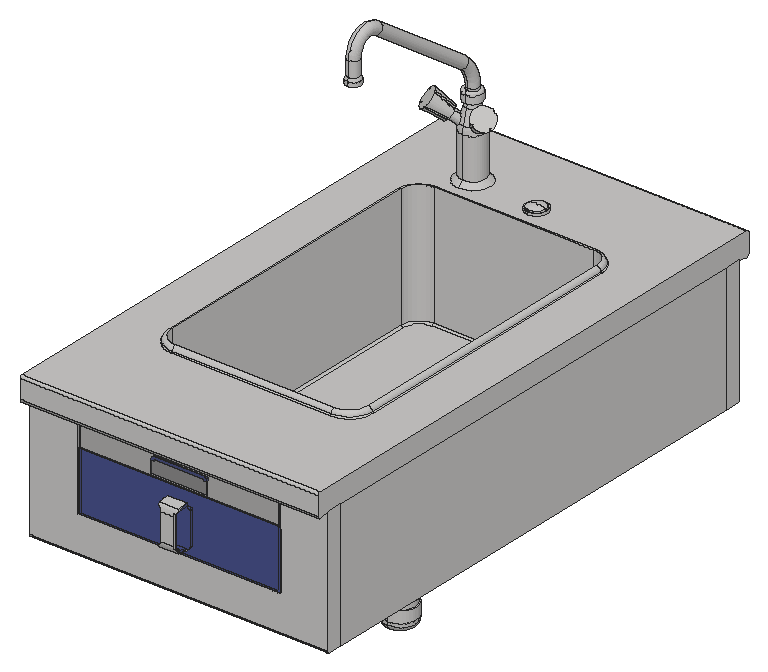
Revit family "QF_ELECTROLUXPROFESSIONAL_589633_MCBFAAEOAO", category Specialty Equipment, Revit 2018
Family settings
  Round Connector Dimension = Use Diameter
  Part Type = Normal
  Work Plane-Based = No
  Always vertical = Yes
  Cut with Voids When Loaded = No
  Shared = No
  Room Calculation Point = No
Parameters
  Weight in Pounds = 55.11
  Watts = 1500 VA  # 1500 W
  Waste Water Discharge Temperature [instance] = -459.67 °F
  Volts = 400 V  # constant formula
  URL Cutsheet = ""
  Type Mark [instance] = ""
  Status [instance] = ""
  Specification by User [instance] = ""
  Specification by Manufacturer = ""
  Small Baine = yes
  Serial Number = ""
  Seismic Rating = ""
  SMACNA No = ""
  Revision Code [instance] = ""
  Plumbing Remarks [instance] = ""
  Plumbing Connection Type [instance] = ""
  Phase = 3  # constant formula
  Omniclass Number and Title = ""
  Number of Poles [instance] = 1
  NAFEM Spec ID Number = ""
  Model = "589633"
  Min Ckt Ampacity = 0 A
  Max Overcurrent Protection = 0 A
  Masterspec = ""
  Manufacturer = "ELECTROLUX"
  Item Number [instance] = ""
  Installed By [instance] = ""
  Indirect Waste Size = 1"
  Indirect Waste Flow [instance] = 0 GPM
  Indirect Waste Connection Type [instance] = ""
  Indirect Waste Connection Height = 0 mm
  Identify Quantity as Lot [instance] = yes
  Hot Water Temperature = -459.67 °F
  Hot Water Size = 3/4"
  Hot Water RI Height [instance] = 0 mm
  Hot Water Minimum Pressure = 0.00 psi
  Hot Water Maximum Pressure = 0.00 psi
  Hot Water Flow [instance] = 0 GPM
  Hot Water Consumption = 0 GPM
  Hot Water Connection Height = 0 mm
  HP = "2 HP"
  Furnished By [instance] = ""
  Foodservice Equipment Identifier [instance] = yes
  FL Amps [instance] = if(Phase = 3, Watts / (Volts * 1.73), Watts / Volts)  # 2.16763 A
  Electrical Remarks = "400 V/3N ph/50/60 Hz"  # constant formula
  Electric Connection Type [instance] = ""
  Elec Conn RI Height [instance] = 0 mm
  Elec Conn Connection Height [instance] = 0 mm
  Direct Waste Size = 1"
  Description = "EL.BAINMARIE,1/1GN,TAP(L),1S,500X900X250"
  Cycle [instance] = if([60 Hertz Option], 60 Hz, 50 Hz)  # 60 Hz
  Conn Plug = ""
  Conn Conduit = yes
  Cold Water Temperature Recommended [instance] = 0 °F
  Cold Water Size = 3/4"
  Cold Water RI Height [instance] = 0 mm
  Cold Water Minimum Pressure = 0.00 psi
  Cold Water Maximum Pressure = 0.00 psi
  Cold Water Flow [instance] = 0 GPM
  Cold Water Consumption = ""
  Cold Water Connection Height = 0 mm
  CSI MasterFormat = ""
  CSI Master Format = ""
  Back Panel [instance] = yes
  Apparent Power [instance] = if(Phase = 3, Volts * FL Amps * 1.73, Volts * FL Amps)  # 1500 VA
  60 Hertz Option [instance] = not([50 Hertz Option])  # yes
  50 Hertz Option [instance] = no
Reference planes
  plane 1 "BACK": y = 0
  plane 2: z = 0
  plane 3 "LEFT": x = 0
  plane 4 "RIGHT": x = 500
  plane 5 "FRONT": y = -900
  plane 6 "TOP": z = 250
  plane 7: x = 250
  plane 8: y = -450
  plane 9: z = 582.185
  plane 10: x = 465
  plane 11: y = -144
Forms (mm)
  Extrusion 1, solid, material "QF_Finishes_Stainless Steel"
    sketch origin (0, -487.128, 0) x (0, 1, 0) y (0, 0, 1)
      loop
        line (483.128, 250) -> (-408.872, 250)
        arc (-408.872, 250) -> (-411.7, 248.828) -> (-412.872, 246) r 4
        line (-412.872, 246) -> (-412.872, 214)
        arc (-412.872, 214) -> (-411.443, 210.936) -> (-408.177, 210.061) r 4
        line (-408.177, 210.061) -> (-391.509, 213) -> (465.765, 213) -> (482.433, 210.061)
        arc (482.433, 210.061) -> (485.699, 210.936) -> (487.128, 214) r 4
        line (487.128, 214) -> (487.128, 246)
        arc (487.128, 246) -> (485.956, 248.828) -> (483.128, 250) r 4
    from 0 to 500
  Extrusion 2, void
    sketch origin (0, -4, 250) x (1, 0, 0) y (0, -1, 0)
      loop
        line (423.051, 206.931) -> (423.051, 685.069)
        arc (423.051, 685.069) -> (411.335, 713.354) -> (383.051, 725.069) r 40
        line (383.051, 725.069) -> (116.931, 725.069)
        arc (116.931, 725.069) -> (88.646, 713.354) -> (76.931, 685.069) r 40
        line (76.931, 685.069) -> (76.931, 206.931)
        arc (76.931, 206.931) -> (88.646, 178.647) -> (116.931, 166.931) r 40
        line (116.931, 166.931) -> (383.051, 166.931)
        arc (383.051, 166.931) -> (411.335, 178.647) -> (423.051, 206.931) r 40
    from 0 to 40
  Extrusion 3, solid, material "QF_Finishes_Stainless Steel"
    sketch origin (-178.969, -4572, 0) x (-1, 0, 0) y (0, -1, 0)
      loop
        line (-178.969, -4526) -> (-178.969, -3718) -> (-678.969, -3718) -> (-678.969, -4526) -> (-178.969, -4526)
      loop
        line (-204.369, -4500.6) -> (-204.369, -3743.4) -> (-653.569, -3743.4) -> (-653.569, -4500.6) -> (-204.369, -4500.6)
    from 0 to 213
  Extrusion 4, solid, material "QF_Finishes_Stainless Steel"
    sketch origin (-178.969, -4572, 0) x (-1, 0, 0) y (0, -1, 0)
      loop
        line (-204.369, -4500.6) -> (-204.369, -3743.4) -> (-653.569, -3743.4) -> (-653.569, -4500.6) -> (-204.369, -4500.6)
    from 0 to 10
  Extrusion 5, solid, material "QF_Finishes_Stainless Steel", visible <- "Back Panel"
    sketch origin (0, 0, 0) x (0, 1, 0) y (0, 0, 1)
      loop
        line (-46, 0) -> (-23, 0)
        arc (-23, 0) -> (-20.879, 0.879) -> (-20, 3) r 3
        line (-20, 3) -> (-20, 213) -> (-46, 213) -> (-46, 0)
    from 0 to 500
  Extrusion 6, solid, material "QF_Finishes_Stainless Steel"
    sketch origin (-50, 0, 0) x (1, 0, 0) y (0, 1, 0)
      loop
        circle (300, -685) r 12.7
    from 0 to 12.5
  Extrusion 7, solid, material "QF_Finishes_Stainless Steel"
    sketch origin (-50, -10.197, 250) x (0, -1, 0) y (1, 0, 0)
      loop
        circle (120.803, 300) r 17.578
    from 0 to 3.2
  Revolve 8, solid, material "QF_Finishes_Stainless Steel"
    sketch origin (0, -131, 2.262) x (1, 0, 0) y (0, 0, 1)
      loop
        line (250, 250.938) -> (250, 256.608)
        arc (250, 256.608) -> (242.261, 255.697) -> (235, 252.868) r 30.732
        line (235, 252.868) -> (235, 250.938) -> (250, 250.938)
      axis (250, 250.938) -> (250, 256.608)
    angle from 0 to 360
  Revolve 9, solid, material "QF_Finishes_Stainless Steel"
    sketch origin (465, 1282.872, -192.047) x (0, 1, 0) y (0, 0, 1)
      loop
        line (-1937.861, 186.547) -> (-1937.861, 192.047) -> (-1967.861, 192.047) -> (-1967.861, 141.547) -> (-1947.861, 141.547)
        arc (-1947.861, 141.547) -> (-1943.618, 143.305) -> (-1941.861, 147.547) r 6
        line (-1941.861, 147.547) -> (-1941.361, 153.547) -> (-1941.361, 172.547) -> (-1944.361, 172.547) -> (-1944.361, 186.547) -> (-1937.861, 186.547)
      axis (-1967.872, 141.547) -> (-1967.872, 192.047)
    angle from 0 to 360
  Revolve 10, solid, material "QF_Finishes_Black"
    sketch origin (135, -104.517, -46.552) x (0, 1, 0) y (0, 0, 1)
      loop
        arc (-25.958, 192.99) -> (-25.178, 193.771) -> (-25.958, 194.552) r 0.781
        line (-25.958, 194.552) -> (-27.459, 194.552) -> (-27.459, 179.552) -> (-29.958, 179.552) -> (-29.958, 177.38) -> (-28.404, 177.38) -> (-27.456, 177.547) -> (-26.894, 178.11) -> (-25.907, 178.11) -> (-25.907, 180.54)
        arc (-25.907, 180.54) -> (-25.128, 181.318) -> (-25.907, 182.097) r 0.779
        arc (-25.907, 182.097) -> (-25.128, 182.875) -> (-25.907, 183.654) r 0.779
        arc (-25.907, 183.654) -> (-25.128, 184.433) -> (-25.907, 185.211) r 0.779
        arc (-25.907, 185.211) -> (-25.128, 185.99) -> (-25.907, 186.768) r 0.779
        arc (-25.907, 186.768) -> (-25.128, 187.547) -> (-25.907, 188.326) r 0.779
        arc (-25.907, 188.326) -> (-25.128, 189.104) -> (-25.907, 189.883) r 0.779
        arc (-25.907, 189.883) -> (-25.128, 190.661) -> (-25.907, 191.44) r 0.779
        arc (-25.907, 191.44) -> (-25.128, 192.219) -> (-25.907, 192.997) r 0.779
      axis (-39.483, 194.552) -> (-39.483, 177.38)
    angle from 0 to 360
  Sweep 11, solid, material "QF_Finishes_Stainless Steel"
    path origin (-178.969, -4572, 0) x (-1, 0, 0) y (0, -1, 0)
      loop
        line (-255.899, -4361.069) -> (-255.899, -3882.931)
        arc (-255.899, -3882.931) -> (-267.615, -3854.646) -> (-295.899, -3842.931) r 40
        line (-295.899, -3842.931) -> (-562.02, -3842.931)
        arc (-562.02, -3842.931) -> (-590.304, -3854.646) -> (-602.02, -3882.931) r 40
        line (-602.02, -3882.931) -> (-602.02, -4361.069)
        arc (-602.02, -4361.069) -> (-590.304, -4389.353) -> (-562.02, -4401.069) r 40
        line (-562.02, -4401.069) -> (-295.899, -4401.069)
        arc (-295.899, -4401.069) -> (-267.615, -4389.353) -> (-255.899, -4361.069) r 40
    profile origin (76.931, -450, 0) x (1, 0, 0) y (0, 0, 1)
      loop
        arc (9.05, 258) -> (4.345, 256.153) -> (1.961, 251.697) r 7.314
        arc (1.961, 251.697) -> (1.3, 250.48) -> (0, 250) r 1.969
        line (0, 250) -> (8.05, 250) -> (8.05, 54)
        arc (8.05, 54) -> (9.221, 51.172) -> (12.05, 50) r 4
        line (12.05, 50) -> (12.05, 51)
        arc (12.05, 51) -> (9.928, 51.879) -> (9.05, 54) r 3
        line (9.05, 54) -> (9.05, 258)
  Extrusion 12, solid, material "QF_Finishes_Stainless Steel"
    sketch origin (-178.969, -4572, 0) x (-1, 0, 0) y (0, -1, 0)
      loop
        arc (-267.949, -3882.931) -> (-276.135, -3863.167) -> (-295.899, -3854.98) r 27.95
        line (-295.899, -3854.98) -> (-562.02, -3854.98)
        arc (-562.02, -3854.98) -> (-581.784, -3863.167) -> (-589.97, -3882.931) r 27.95
        line (-589.97, -3882.931) -> (-589.97, -4361.069)
        arc (-589.97, -4361.069) -> (-581.784, -4380.833) -> (-562.02, -4389.02) r 27.95
        line (-562.02, -4389.02) -> (-295.899, -4389.02)
        arc (-295.899, -4389.02) -> (-276.135, -4380.833) -> (-267.949, -4361.069) r 27.95
        line (-267.949, -4361.069) -> (-267.949, -3882.931)
    from 50 to 51
Cuts and joins
  Extrusion 2 cuts Extrusion 1
  joined: Extrusion 3, Extrusion 4
  joined: Sweep 11, Extrusion 12
Lines and regions (mm)
  symbolic lines
    curve 1: line (0, 0, 0) -> (500, 0, 0)
    curve 2: line (0, -900, 0) -> (0, 0, 0)
    curve 3: line (500, -900, 0) -> (0, -900, 0)
    curve 4: line (500, 0, 0) -> (500, -900, 0)
    curve 5: circle (250, -664.789, 0) r 14.885 normal (0, 0, 1)
    curve 6: circle (250, -131, 0) r 15 normal (0, 0, 1)
    curve 7: circle (250, -131, 0) r 17.578 normal (0, 0, 1)
    curve 8: arc (76.931, -210.931, 0) -> (88.646, -182.647, 0) -> (116.931, -170.931, 0) r 40
    curve 9: line (383.051, -170.931, 0) -> (179.697, -170.931, 0)
    curve 10: line (383.051, -178.98, 0) -> (144.525, -178.98, 0)
    curve 11: arc (116.931, -178.98, 0) -> (94.338, -188.339, 0) -> (84.98, -210.931, 0) r 31.95
    curve 12: line (84.98, -210.931, 0) -> (84.98, -689.069, 0)
    curve 13: line (76.931, -210.931, 0) -> (76.931, -689.069, 0)
    curve 14: arc (383.051, -170.931, 0) -> (411.335, -182.647, 0) -> (423.051, -210.931, 0) r 40
    curve 15: arc (415.001, -210.931, 0) -> (405.643, -188.339, 0) -> (383.051, -178.98, 0) r 31.95
    curve 16: line (415.001, -689.069, 0) -> (415.001, -210.931, 0)
    curve 17: line (423.051, -689.069, 0) -> (423.051, -210.931, 0)
    curve 18: arc (423.051, -689.069, 0) -> (411.335, -717.354, 0) -> (383.051, -729.069, 0) r 40
    curve 19: arc (383.051, -721.02, 0) -> (405.643, -711.662, 0) -> (415.001, -689.069, 0) r 31.95
    curve 20: line (116.931, -721.02, 0) -> (383.051, -721.02, 0)
    curve 21: line (116.931, -729.069, 0) -> (383.051, -729.069, 0)
    curve 22: arc (84.98, -689.069, 0) -> (94.338, -711.662, 0) -> (116.931, -721.02, 0) r 31.95
    curve 23: arc (116.931, -729.069, 0) -> (88.646, -717.354, 0) -> (76.931, -689.069, 0) r 40
    curve 24: line (125.475, -178.98, 0) -> (116.931, -178.98, 0)
    curve 25: line (125.475, -170.931, 0) -> (116.931, -170.931, 0)
    curve 26: line (169.674, -170.931, 0) -> (144.525, -170.931, 0)
Dimensions and locks
  plane 3 "LEFT" to plane 4 "RIGHT" = 500 mm
  plane 5 "FRONT" to plane 1 "BACK" = 900 mm
  equal spacing: plane 3 "LEFT", plane 7, plane 4 "RIGHT"
  equal spacing: plane 5 "FRONT", plane 8, plane 1 "BACK"
  plane 6 "TOP" to level = 250 mm  (x2)
  plane 1 "BACK" to plane 5 "FRONT" = 900 mm
  Extrusion 6 sketch curve to plane 1 "BACK" = 685 mm
  Extrusion 6 sketch curve to plane 4 "RIGHT" = 250 mm
  plane 5 "FRONT" to nested 1 = 779 mm
  Revolve 10 to level = 148 mm
  plane 1 "BACK" to Extrusion 6 = 685 mm
  plane 3 "LEFT" to nested 1 = 135 mm
  plane 4 "RIGHT" to plane 10 = 35 mm
  plane 5 "FRONT" to Revolve 8 = 769 mm
  plane 1 "BACK" to plane 11 = 144 mm
  aligned and locked: level to plane 2
Automatic sketch dimensions
  Extrusion 1 sketch curve to plane 5 "FRONT" = 0 mm
  Extrusion 1 sketch curve to plane 6 "TOP" = 0 mm
  Extrusion 1 sketch curve to plane 1 "BACK" = 0 mm
  Extrusion 1 sketch curve to plane 6 "TOP" = 37 mm
  Extrusion 1 sketch curve to plane 5 "FRONT" = 4 mm  (x2)
  Extrusion 1 sketch curve to plane 5 "FRONT" = 21.363 mm
  plane 1 "BACK" to Extrusion 1 sketch curve = 21.363 mm
  plane 1 "BACK" to Extrusion 1 sketch curve = 4 mm
  Extrusion 1 sketch curve to Extrusion 1 sketch curve = 0.695 mm
  Extrusion 1 sketch curve to Extrusion 1 sketch curve = 0 mm  (x4)
  plane 1 "BACK" to Extrusion 1 sketch curve = 4.695 mm
  Extrusion 1 sketch curve to Extrusion 1 sketch curve = 4 mm
  Extrusion 1 sketch curve to Extrusion 1 sketch curve = 1 mm  (x2)
  Extrusion 3 sketch curve to plane 4 "RIGHT" = 0 mm
  Extrusion 3 sketch curve to plane 3 "LEFT" = 0 mm
  plane 1 "BACK" to Extrusion 3 sketch curve = 46 mm
  plane 4 "RIGHT" to Extrusion 3 sketch curve = 25.4 mm
  plane 3 "LEFT" to Extrusion 3 sketch curve = 25.4 mm
  Extrusion 3 sketch curve to Extrusion 3 sketch curve = 25.4 mm  (x2)
  Extrusion 3 sketch curve to plane 5 "FRONT" = 71.4 mm
  plane 4 "RIGHT" to Extrusion 4 sketch curve = 25.4 mm
  plane 1 "BACK" to Extrusion 4 sketch curve = 71.4 mm
  plane 3 "LEFT" to Extrusion 4 sketch curve = 25.4 mm
  Extrusion 4 sketch curve to plane 5 "FRONT" = 71.4 mm
  plane 1 "BACK" to Revolve 9 sketch curve = 684.989 mm
  Revolve 9 sketch curve to plane 6 "TOP" = 300.5 mm
  Revolve 9 sketch curve to Revolve 9 sketch curve = 20 mm
  Revolve 9 sketch curve to Revolve 9 sketch curve = 3.5 mm
  Revolve 9 sketch curve to Revolve 9 sketch curve = 6 mm  (x2)
  Revolve 9 sketch curve to Revolve 9 sketch curve = 3 mm
  Revolve 9 sketch curve to Revolve 9 sketch curve = 6.5 mm
  plane 1 "BACK" to Revolve 9 sketch curve = 685 mm
  Revolve 9 sketch curve to Revolve 9 sketch curve = 19 mm
  Revolve 9 sketch curve to Revolve 9 sketch curve = 14 mm
  Revolve 9 sketch curve to Revolve 9 sketch curve = 5.5 mm
  Revolve 9 sketch curve to Revolve 9 sketch curve = 6.734 mm
  Revolve 9 sketch curve to plane 6 "TOP" = 222.234 mm
  level to Revolve 10 sketch curve = 130.828 mm
  Revolve 10 sketch curve to Revolve 10 sketch curve = 1.554 mm
  Revolve 10 sketch curve to Revolve 10 sketch curve = 2.499 mm
  Revolve 10 sketch curve to Revolve 10 sketch curve = 0.948 mm
  Revolve 10 sketch curve to Revolve 10 sketch curve = 0.562 mm  (x2)
  Revolve 10 sketch curve to Revolve 10 sketch curve = 1.5 mm
  Revolve 10 sketch curve to Revolve 10 sketch curve = 0.987 mm  (x2)
  Revolve 10 sketch curve to Revolve 10 sketch curve = 0 mm  (x12)
  Revolve 10 sketch curve to Revolve 10 sketch curve = 0.052 mm  (x2)
  Revolve 10 sketch curve to Revolve 10 sketch curve = 0.167 mm
  Revolve 10 sketch curve to Revolve 10 sketch curve = 2.172 mm
  Revolve 10 sketch curve to Revolve 10 sketch curve = 14.013 mm
  Revolve 10 sketch curve to Revolve 10 sketch curve = 0.779 mm  (x8)
  Revolve 10 sketch curve to Revolve 10 sketch curve = 0.007 mm
  Revolve 10 sketch curve to Revolve 10 sketch curve = 0.878 mm
  Revolve 10 sketch curve to Revolve 10 sketch curve = 1.95 mm
  plane 1 "BACK" to Revolve 10 sketch curve = 134.475 mm
  Revolve 10 sketch curve to Revolve 10 sketch curve = 9.525 mm
  Extrusion 5 sketch curve to level = 0 mm
  level to Extrusion 5 sketch curve = 3 mm
  Extrusion 5 sketch curve to Extrusion 5 sketch curve = 23 mm
  plane 1 "BACK" to Extrusion 5 sketch curve = 20 mm
  Extrusion 5 sketch curve to plane 6 "TOP" = 37 mm
  Extrusion 1 to Extrusion 7 sketch curve = 127 mm
  Extrusion 1 to Extrusion 7 sketch curve = 250 mm
  Revolve 8 sketch curve to plane 7 = 0 mm  (x2)
  plane 6 "TOP" to Revolve 8 sketch curve = 3.2 mm
  plane 6 "TOP" to Revolve 8 sketch curve = 5.13 mm
  Revolve 8 sketch curve to plane 7 = 15 mm
  Revolve 8 sketch curve to plane 7 = 0.304 mm
  Revolve 8 sketch curve to Revolve 8 sketch curve = 5.67 mm
  Revolve 8 sketch curve to plane 6 "TOP" = 2.738 mm
  Revolve 8 sketch curve to Revolve 8 sketch curve = 6.568 mm
  curve 6 to curve 7 = 0 mm  (x2)
  plane 1 "BACK" to curve 1 = 0 mm
  curve 3 to plane 3 "LEFT" = 0 mm
  plane 5 "FRONT" to curve 2 = 0 mm
  curve 5 to plane 7 = 0 mm
  curve 7 to plane 7 = 0 mm
  curve 4 to plane 4 "RIGHT" = 0 mm
  Extrusion 1 to Extrusion 2 sketch curve = 76.931 mm
  Extrusion 1 to Extrusion 2 sketch curve = 166.931 mm
  Extrusion 2 sketch curve to Extrusion 2 sketch curve = 40 mm  (x3)
  Extrusion 1 to Extrusion 2 sketch curve = 116.949 mm  (x2)
  Extrusion 1 to Extrusion 2 sketch curve = 206.931 mm
  plane 1 "BACK" to curve 6 = 131 mm
  curve 5 to plane 8 = 214.789 mm
  Sweep 11 sketch curve to plane 10 = 41.949 mm
  plane 11 to Sweep 11 sketch curve = 26.931 mm
  Sweep 11 sketch curve to Sweep 11 sketch curve = 40 mm  (x3)
  plane 3 "LEFT" to Sweep 11 sketch curve = 116.931 mm  (x2)
  Sweep 11 sketch curve to plane 5 "FRONT" = 210.931 mm
  Sweep 11 sketch curve to Sweep 11 sketch curve = 0 mm  (x2)
  profile plane to Sweep 11 sketch curve = 0 mm
  Sweep 11 sketch curve to profile plane = 12.05 mm
  profile plane to Sweep 11 sketch curve = 51 mm
  Sweep 11 sketch curve to Sweep 11 sketch curve = 4 mm
  Sweep 11 sketch curve to Sweep 11 sketch curve = 1 mm
  Sweep 11 sketch curve to profile plane = 0.011 mm
  Sweep 11 sketch curve to profile plane = 1.961 mm
  Sweep 11 sketch curve to Sweep 11 sketch curve = 1.156 mm
  Sweep 11 sketch curve to Sweep 11 sketch curve = 196 mm
  Sweep 11 sketch curve to Sweep 11 sketch curve = 8 mm
  plane 3 "LEFT" to Extrusion 12 sketch curve = 88.98 mm
  Extrusion 12 sketch curve to plane 5 "FRONT" = 210.931 mm
  Extrusion 12 sketch curve to Extrusion 12 sketch curve = 27.95 mm  (x4)
  plane 11 to Extrusion 12 sketch curve = 66.931 mm
  Extrusion 12 sketch curve to plane 10 = 81.949 mm
  plane 11 to curve 25 = 26.931 mm
  plane 3 "LEFT" to curve 25 = 116.931 mm
  curve 9 to plane 10 = 81.949 mm
  curve 8 to curve 8 = 40 mm
  curve 8 to curve 11 = 0 mm  (x2)
  plane 11 to curve 24 = 34.98 mm
  curve 5 to curve 12 = 24.28 mm
  curve 13 to curve 12 = 0 mm
  curve 14 to curve 14 = 40 mm
  curve 5 to curve 16 = 24.28 mm
  curve 16 to curve 17 = 0 mm
  curve 18 to curve 19 = 0 mm
  curve 20 to curve 12 = 31.95 mm
  curve 21 to curve 20 = 0 mm
  curve 10 to plane 7 = 105.475 mm
  curve 26 to plane 7 = 105.475 mm
  curve 14 to curve 15 = 0 mm  (x2)
  curve 25 to plane 7 = 124.525 mm
  curve 24 to plane 7 = 124.525 mm
  plane 11 to curve 26 = 26.931 mm
  curve 26 to plane 7 = 80.326 mm
  plane 11 to curve 9 = 26.931 mm
  curve 9 to plane 7 = 70.303 mm
  radius of Extrusion 6 sketch curve = 12.7 mm
  radius of Extrusion 7 sketch curve = 17.578 mm
  radius of curve 5 = 14.885 mm
  radius of curve 6 = 15 mm
  radius of curve 7 = 17.578 mm
Nested families
  nested 1: "Thermaline Faucet" at (135, -121, 0), type "Thermaline Faucet"
  nested 2: "EB_900_500_Front Panel" at (202.376, -855, -650), type "EB_900_500_Front Panel"
Connectors
  piping at (250, -685, 0), diameter 25.4
    settings: on Extrusion 6, index 3, connector inside diameter 1", connector length 0 mm, flow factor 0, pipe flow 0 GPM, pressure drop 0.00 psi, fitting loss kfactor 0, connector angle 0.00°, fixture units 0, engagement length 0 mm, angle of deflection 0.00°, flow configuration 1, flow direction 2, fitting loss method 0, system type 16, joint type 0, gender type 0, connector reference index -1, connector utility 0, adjustable connector no, is connector primary yes, connector description "DRAIN"
  electrical at (465, -685, 0), driven by "Volts", driven by "Watts"
    settings: on Revolve 9, index 4, voltage 400 V, apparent load 1500 VA, apparent load phase1 0 VA, apparent load phase2 0 VA, apparent load phase3 0 VA, power factor 1, load classification "Other", number of poles 1, system type 30, power factor state 1, is connector primary yes, connector utility no, sub classification motor no, connector description "ELECTRICAL CONNECTION"
  piping at (135, -144, 130.828), diameter 19
    settings: on Revolve 10, index 5, connector inside diameter 0.74803", connector length 0 mm, flow factor 0, pipe flow 0 GPM, pressure drop 0.00 psi, fitting loss kfactor 0, connector angle 0.00°, fixture units 0, engagement length 0 mm, angle of deflection 0.00°, flow configuration 1, flow direction 1, fitting loss method 0, system type 20, joint type 0, gender type 0, connector reference index -1, connector utility 0, adjustable connector no, is connector primary no, connector description "COLD WATER INLET"
  piping at (135, -144, 130.828), diameter 19
    settings: on Revolve 10, index 6, connector inside diameter 0.74803", connector length 0 mm, flow factor 0, pipe flow 0 GPM, pressure drop 0.00 psi, fitting loss kfactor 0, connector angle 0.00°, fixture units 0, engagement length 0 mm, angle of deflection 0.00°, flow configuration 1, flow direction 1, fitting loss method 0, system type 19, joint type 0, gender type 0, connector reference index -1, connector utility 0, adjustable connector no, is connector primary no, connector description "HOT WATER INLET"
Definition of nested family "Thermaline Faucet"
  Reference planes
    plane 1 "Center (Front/Back)": y = 0
    plane 2: z = 0
    plane 3 "Center (Left/Right)": x = 0
  Forms (mm)
    Revolve 1, solid
      sketch origin (0, 110, 0) x (0, 1, 0) y (0, 0, 1)
        loop
          line (-110, 250) -> (-80.897, 250) -> (-89.277, 258.38) -> (-89.277, 326.173)
          arc (-89.277, 326.173) -> (-89.737, 332.364) -> (-91.107, 338.419) r 41.887
          line (-91.107, 338.419) -> (-98.513, 362.642)
          arc (-98.513, 362.642) -> (-99.453, 366.971) -> (-99.667, 371.396) r 26.78
          line (-99.667, 371.396) -> (-94.537, 371.396) -> (-94.537, 383.339)
          arc (-94.537, 383.339) -> (-95.799, 386.384) -> (-98.844, 387.646) r 4.307
          line (-98.844, 387.646) -> (-110, 387.646) -> (-110, 250)
        axis (-110, 387.646) -> (-110, 250)
      angle from 0 to 360
    Sweep 2, solid
      path origin (-70, 110, 0) x (0, 1, 0) y (0, 0, 1)
        loop
          line (-110, 387.646) -> (-110, 391.879)
          arc (-110, 391.879) -> (-115.995, 416.848) -> (-132.672, 436.375) r 55
          line (-132.672, 436.375) -> (-312.366, 566.931)
          arc (-312.366, 566.931) -> (-343.62, 569.39) -> (-360, 542.66) r 30
          line (-360, 542.66) -> (-360, 517.854)
      profile origin (-70, 0, 389.762) x (0, -1, 0) y (1, 0, 0)
        loop
          circle (0, 70) r 9.525
    Revolve 3, solid
      sketch origin (0, 104.787, 374.993) x (0, 1, 0) y (0, 0, 1)
        loop
          line (-354.787, 136.51) -> (-354.787, 142.86) -> (-364.312, 142.86) -> (-366.717, 136.51) -> (-366.717, 130.16) -> (-354.787, 130.16) -> (-354.787, 136.51)
        axis (-354.787, 130.16) -> (-354.787, 142.86)
      angle from 0 to 360
    Blend 4, solid
      base sketch origin (79.461, -905.497, 152.805) x (0.692474, 0.046138, 0.719966) y (0.40024, -0.854864, -0.330174)
        loop
          arc (109.326, -848.459) -> (98.651, -853.462) -> (93.381, -864.007) r 17.953
          arc (93.381, -864.007) -> (95.845, -865.98) -> (93.297, -867.845) r 1.988
          arc (93.297, -867.845) -> (98.373, -878.893) -> (109.326, -884.172) r 17.953
          arc (109.326, -884.172) -> (111.185, -882.313) -> (113.044, -884.172) r 1.859
          arc (113.044, -884.172) -> (123.997, -878.893) -> (129.073, -867.845) r 17.953
          arc (129.073, -867.845) -> (127.548, -865.958) -> (128.989, -864.007) r 1.984
          arc (128.989, -864.007) -> (123.762, -853.504) -> (113.164, -848.472) r 17.953
          arc (113.164, -848.472) -> (111.239, -850.043) -> (109.326, -848.459) r 1.956
      top sketch origin (79.461, -905.497, 152.805) x (0.692474, 0.046138, 0.719966) y (0.40024, -0.854864, -0.330174)
        loop
          arc (109.326, -853.371) -> (102.264, -856.945) -> (98.69, -864.007) r 12.7
          arc (98.69, -864.007) -> (100.609, -865.926) -> (98.69, -867.845) r 1.919
          arc (98.69, -867.845) -> (102.264, -874.906) -> (109.326, -878.48) r 12.7
          arc (109.326, -878.48) -> (111.245, -876.561) -> (113.164, -878.48) r 1.919
          arc (113.164, -878.48) -> (120.225, -874.906) -> (123.799, -867.845) r 12.7
          arc (123.799, -867.845) -> (121.88, -865.926) -> (123.799, -864.007) r 1.919
          arc (123.799, -864.007) -> (120.225, -856.945) -> (113.164, -853.371) r 12.7
          arc (113.164, -853.371) -> (111.245, -854.791) -> (109.326, -853.371) r 2.007
      from 239.294 to 275.758
    Extrusion 5, solid
      sketch origin (244.982, -762.986, -15.528) x (0.692474, 0.046138, 0.719966) y (0.40024, -0.854864, -0.330174)
        loop
          circle (111.245, -865.926) r 8.197
      from 0 to 21.835
    Blend 6, solid
      base sketch origin (-79.461, -905.497, 152.805) x (-0.692474, 0.046138, 0.719966) y (0.40024, 0.854864, 0.330174)
        loop
          arc (109.326, 848.459) -> (111.239, 850.043) -> (113.164, 848.472) r 1.956
          arc (113.164, 848.472) -> (123.762, 853.504) -> (128.989, 864.007) r 17.953
          arc (128.989, 864.007) -> (127.548, 865.958) -> (129.073, 867.845) r 1.984
          arc (129.073, 867.845) -> (123.997, 878.893) -> (113.044, 884.172) r 17.953
          arc (113.044, 884.172) -> (111.185, 882.313) -> (109.326, 884.172) r 1.859
          arc (109.326, 884.172) -> (98.373, 878.893) -> (93.297, 867.845) r 17.953
          arc (93.297, 867.845) -> (95.845, 865.98) -> (93.381, 864.007) r 1.988
          arc (93.381, 864.007) -> (98.651, 853.462) -> (109.326, 848.459) r 17.953
      top sketch origin (-79.461, -905.497, 152.805) x (-0.692474, 0.046138, 0.719966) y (0.40024, 0.854864, 0.330174)
        loop
          arc (109.326, 853.371) -> (111.245, 854.791) -> (113.164, 853.371) r 2.007
          arc (113.164, 853.371) -> (120.225, 856.945) -> (123.799, 864.007) r 12.7
          arc (123.799, 864.007) -> (121.88, 865.926) -> (123.799, 867.845) r 1.919
          arc (123.799, 867.845) -> (120.225, 874.906) -> (113.164, 878.48) r 12.7
          arc (113.164, 878.48) -> (111.245, 876.561) -> (109.326, 878.48) r 1.919
          arc (109.326, 878.48) -> (102.264, 874.906) -> (98.69, 867.845) r 12.7
          arc (98.69, 867.845) -> (100.609, 865.926) -> (98.69, 864.007) r 1.919
          arc (98.69, 864.007) -> (102.264, 856.945) -> (109.326, 853.371) r 12.7
      from 239.294 to 275.758
    Extrusion 7, solid
      sketch origin (-244.982, -762.986, -15.528) x (-0.692474, 0.046138, 0.719966) y (0.40024, 0.854864, 0.330174)
        loop
          circle (111.245, 865.926) r 8.197
      from 0 to 21.835
  Cuts and joins
    joined: Revolve 1, Extrusion 5, Extrusion 7
  Lines and regions (mm)
    symbolic lines
      curve 1: line (-9.525, 0, 0) -> (-9.525, -250, 0)
      curve 2: line (9.525, 0, 0) -> (9.525, -250, 0)
      curve 3: arc (-9.525, -250, 0) -> (0, -259.525, 0) -> (9.525, -250, 0) r 9.525
      curve 4: arc (-9.525, -242.817, 0) -> (0, -261.93, 0) -> (9.525, -242.817, 0) r 11.93
      curve 5: arc (-9.525, 0, 0) -> (0, 9.525, 0) -> (9.525, 0, 0) r 9.525
      curve 6: arc (9.525, -12.181, 0) -> (0, 15.463, 0) -> (-9.525, -12.181, 0) r 15.463
      curve 7: arc (9.525, -27.5, 0) -> (12.082, -26.477, 0) -> (14.531, -25.216, 0) r 29.103
      curve 8: arc (-14.531, -25.216, 0) -> (-12.082, -26.477, 0) -> (-9.525, -27.5, 0) r 29.103
      curve 9: arc (28.284, -6.858, 0) -> (0, 29.103, 0) -> (-28.284, -6.858, 0) r 29.103
      curve 10: arc (9.525, -18.405, 0) -> (0, 20.723, 0) -> (-9.525, -18.405, 0) r 20.723
      curve 11: line (-14.012, -24.575, 0) -> (-34.324, -49.658, 0)
      curve 12: line (-32.144, -6.442, 0) -> (-58.383, -20.986, 0)
      curve 13: spline (-58.383, -20.986, 0) -> (-60.104, -23.263, 0) -> (-60.887, -26.361, 0) -> (-60.681, -30.07, 0) -> (-59.498, -34.136, 0) -> (-57.419, -38.284, 0) -> (-54.586, -42.23, 0) -> (-51.192, -45.705, 0) -> (-47.468, -48.472, 0) -> (-43.669, -50.344, 0) -> (-40.052, -51.191, 0) -> (-36.865, -50.958, 0) -> (-34.324, -49.658, 0) -> (-32.603, -47.382, 0) -> (-31.82, -44.284, 0) -> (-32.026, -40.575, 0) -> (-33.21, -36.508, 0) -> (-35.288, -32.36, 0) -> (-38.121, -28.415, 0) -> (-41.515, -24.94, 0) -> (-45.239, -22.172, 0) -> (-49.039, -20.301, 0) -> (-52.655, -19.453, 0) -> (-55.842, -19.687, 0) -> (-58.383, -20.986, 0)
      curve 14: line (-25.398, -7.744, 0) -> (-20.415, -3.562, 0)
      curve 15: line (-14.519, -20.314, 0) -> (-11.467, -17.262, 0)
      curve 16: line (14.012, -24.575, 0) -> (34.324, -49.658, 0)
      curve 17: spline (58.383, -20.986, 0) -> (60.104, -23.263, 0) -> (60.887, -26.361, 0) -> (60.681, -30.07, 0) -> (59.498, -34.136, 0) -> (57.419, -38.284, 0) -> (54.586, -42.23, 0) -> (51.192, -45.705, 0) -> (47.468, -48.472, 0) -> (43.669, -50.344, 0) -> (40.052, -51.191, 0) -> (36.865, -50.958, 0) -> (34.324, -49.658, 0) -> (32.603, -47.382, 0) -> (31.82, -44.284, 0) -> (32.026, -40.575, 0) -> (33.21, -36.508, 0) -> (35.288, -32.36, 0) -> (38.121, -28.415, 0) -> (41.515, -24.94, 0) -> (45.239, -22.172, 0) -> (49.039, -20.301, 0) -> (52.655, -19.453, 0) -> (55.842, -19.687, 0) -> (58.383, -20.986, 0)
      curve 18: line (25.398, -7.744, 0) -> (20.415, -3.562, 0)
      curve 19: line (14.519, -20.314, 0) -> (11.467, -17.262, 0)
      curve 20: arc (-32.144, -6.442, 0) -> (-19.323, -11.753, 0) -> (-14.012, -24.575, 0) r 18.133
      curve 21: line (32.144, -6.442, 0) -> (58.383, -20.986, 0)
      curve 22: arc (32.144, -6.442, 0) -> (19.323, -11.753, 0) -> (14.012, -24.575, 0) r 18.133
Definition of nested family "EB_900_500_Front Panel"
  Reference planes
    plane 1 "Center (Front/Back)": y = 0
    plane 2: z = 0
    plane 3 "Center (Left/Right)": x = 47.624
    plane 4: x = -202.376
    plane 5: x = 297.624
    plane 6: y = -45
  Forms (mm)
    Extrusion 1, solid
      sketch origin (833.217, 829.203, -1.25) x (0, 1, 0) y (0, 0, 1)
        loop
          arc (-854.203, 654.25) -> (-853.324, 652.129) -> (-851.203, 651.25) r 3
          line (-851.203, 651.25) -> (-829.203, 651.25) -> (-829.203, 864.25) -> (-854.203, 864.25) -> (-854.203, 654.25)
      from -1035.593 to -535.593
    Extrusion 2, void
      sketch origin (33.217, 829.203, -1.25) x (1, 0, 0) y (0, 0, 1)
        loop
          line (-155.593, 855.116) -> (-155.593, 713.116) -> (184.407, 713.116) -> (184.407, 855.116) -> (-155.593, 855.116)
      from 848.59 to 854.203
  Cuts and joins
    Extrusion 2 cuts Extrusion 1
  Dimensions and locks
    equal spacing: plane 5, plane 3 "Center (Left/Right)", plane 4
    plane 5 to plane 4 = 500 mm
    aligned and locked: cut or joined group of Extrusion 1, Extrusion 2 to plane 4
    aligned and locked: plane 5 to cut or joined group of Extrusion 1, Extrusion 2
    aligned and locked: plane 3 "Center (Left/Right)" to nested 2
    aligned and locked: cut or joined group of Extrusion 1, Extrusion 2 to nested 2
    aligned and locked: plane 3 "Center (Left/Right)" to nested 1
  Automatic sketch dimensions
    Extrusion 1 sketch curve to plane 1 "Center (Front/Back)" = 0 mm
    plane 1 "Center (Front/Back)" to Extrusion 1 sketch curve = 22 mm
    Extrusion 1 sketch curve to Extrusion 1 sketch curve = 3 mm
    level to Extrusion 1 sketch curve = 650 mm
    Extrusion 1 sketch curve to Extrusion 1 sketch curve = 210 mm
    plane 4 to Extrusion 2 sketch curve = 80 mm
    Extrusion 2 sketch curve to plane 5 = 80 mm
    level to Extrusion 2 sketch curve = 711.866 mm
    Extrusion 2 sketch curve to Extrusion 2 sketch curve = 142 mm
  Nested families
    nested 1: "Range Control Handle" at (47.624, -28.137, -209.113) x (-1, 0, 0) z (0, 0, 1), type "Range Control Handle"
    nested 2: "glass conrol panel" at (47.624, 280.644, 2.752), type "glass conrol panel"
  Definition of nested family "Range Control Handle"
    Reference planes
      plane 1 "Center (Front/Back)": y = 0
      plane 2: z = 0
      plane 3 "Center (Left/Right)": x = 0
      plane 4: z = 971.092
      plane 5: y = -16.9
    Forms (mm)
      Extrusion 1, solid
        sketch origin (-746.28, 380.497, 208.931) x (-1, 0, 0) y (0, 0, 1)
          loop
            line (-770.101, 786.798) -> (-770.101, 731.649)
            arc (-770.101, 731.649) -> (-769.759, 730.563) -> (-768.855, 729.87) r 1.893
            line (-768.855, 729.87) -> (-763.474, 727.911) -> (-729.81, 727.911) -> (-724.428, 729.87)
            arc (-724.428, 729.87) -> (-723.525, 730.563) -> (-723.183, 731.649) r 1.893
            line (-723.183, 731.649) -> (-723.183, 786.798)
            arc (-723.183, 786.798) -> (-723.529, 787.894) -> (-724.44, 788.593) r 1.91
            line (-724.44, 788.593) -> (-729.683, 790.819) -> (-763.601, 790.819) -> (-768.844, 788.593)
            arc (-768.844, 788.593) -> (-769.755, 787.894) -> (-770.101, 786.798) r 1.91
        from -382.35 to -378.852
      Sweep 2, solid
        path origin (-746.788, 380.496, 208.091) x (0, -1, 0) y (0, 0, 1)
          loop
            line (379.775, 793.281) -> (395.661, 791.048)
            arc (395.661, 791.048) -> (397.781, 787.377) -> (398.517, 783.202) r 12.207
            line (398.517, 783.202) -> (398.517, 737.368)
            arc (398.517, 737.368) -> (397.781, 733.193) -> (395.661, 729.522) r 12.207
            line (395.661, 729.522) -> (379.775, 727.289)
        profile origin (-746.788, -7.222, 1000.256) x (0, -0.139173, 0.990268) y (-1, 0, 0)
          loop
            line (0.782, -763.123) -> (0.782, -730.907) -> (-1.322, -730.907) -> (-1.322, -763.123) -> (0.782, -763.123)
      Sweep 3, solid
        path origin (-746.788, 380.715, 207.832) x (0, -1, 0) y (0, 0, 1)
          loop
            line (380.478, 795.442) -> (397.218, 793.09)
            arc (397.218, 793.09) -> (399.929, 788.473) -> (400.871, 783.202) r 15.207
            line (400.871, 783.202) -> (400.871, 737.584)
            arc (400.871, 737.584) -> (399.914, 732.274) -> (397.164, 727.633) r 15.207
            line (397.164, 727.633) -> (380.601, 725.305)
        profile origin (-746.788, -8.132, 1002.099) x (0, -0.139173, 0.990268) y (-1, 0, 0)
          loop
            line (0.782, -763.123) -> (0.782, -730.907) -> (-1.322, -730.907) -> (-1.322, -763.123) -> (0.782, -763.123)
      Extrusion 4, void
        sketch origin (889.253, 220.666, 207.993) x (1, 0, 0) y (0, 0, 1)
          loop
            line (-943.038, 816.854) -> (-943.038, 703.686) -> (-899.466, 734.196) -> (-899.466, 786.344) -> (-943.038, 816.854)
        from 230.636 to 242.25
      Extrusion 5, void
        sketch origin (-888.8, 220.666, 207.993) x (-1, 0, 0) y (0, 0, -1)
          loop
            line (-943.038, -816.854) -> (-899.466, -786.344) -> (-899.466, -734.196) -> (-943.038, -703.686) -> (-943.038, -816.854)
        from 230.636 to 242.25
      Extrusion 6, solid
        sketch origin (0, 0, 0) x (1, 0, 0) y (0, 0, 1)
          loop
            circle (0, 971.092) r 7.736
        from -3.137 to -1.645
    Cuts and joins
      Extrusion 4, Extrusion 5 cuts Sweep 3
      Extrusion 4, Extrusion 5 cuts Sweep 2
      joined: Extrusion 1, Extrusion 6
    Lines and regions (mm)
      symbolic lines
        curve 1: line (16.334, -16.9, 0) -> (16.334, -19.227, 0)
        curve 2: spline (16.334, -19.227, 0) -> (15.87, -19.385, 0) -> (15.404, -19.536, 0) -> (14.936, -19.678, 0) -> (14.466, -19.813, 0) -> (13.995, -19.94, 0) -> (13.523, -20.059, 0) -> (13.049, -20.171, 0) -> (12.575, -20.274, 0) -> (12.099, -20.37, 0) -> (11.622, -20.458, 0) -> (11.144, -20.537, 0) -> (10.666, -20.609, 0)
        curve 3: line (10.666, -16.9, 0) -> (10.666, -20.938, 0)
        curve 4: line (-10.213, -20.938, 0) -> (10.666, -20.938, 0)
        curve 5: line (-10.213, -20.938, 0) -> (-10.213, -16.9, 0)
        curve 6: spline (-10.213, -20.609, 0) -> (-10.691, -20.537, 0) -> (-11.169, -20.458, 0) -> (-11.646, -20.37, 0) -> (-12.122, -20.274, 0) -> (-12.597, -20.171, 0) -> (-13.07, -20.059, 0) -> (-13.542, -19.94, 0) -> (-14.013, -19.813, 0) -> (-14.483, -19.678, 0) -> (-14.951, -19.536, 0) -> (-15.417, -19.385, 0) -> (-15.881, -19.227, 0)
        curve 7: line (-15.881, -19.227, 0) -> (-15.881, -16.9, 0)
  Definition of nested family "glass conrol panel"
    Reference planes
      plane 1 "Center (Front/Back)": y = 0
      plane 2: z = 0
      plane 3 "Center (Left/Right)": x = 0
    Forms (mm)
      Extrusion 1, solid
        sketch origin (396.291, 0, 0.617) x (1, 0, 0) y (0, 0, 1)
          loop
            line (-566.291, 806.791) -> (-566.291, 708.497) -> (-226.291, 708.497) -> (-226.291, 806.791) -> (-566.291, 806.791)
        from 300.031 to 304.8
      Extrusion 2, solid
        sketch origin (396.291, 0, 0.617) x (1, 0, 0) y (0, 0, 1)
          loop
            line (-566.291, 850.497) -> (-566.291, 806.791) -> (-226.291, 806.791) -> (-226.291, 850.497) -> (-566.291, 850.497)
        from 300.031 to 304.8
      Extrusion 3, void
        sketch origin (396.291, 0, 0.617) x (1, 0, 0) y (0, 0, 1)
          loop
            line (-563.291, 847.565) -> (-563.291, 710.699) -> (-229.291, 710.699) -> (-229.291, 847.565) -> (-563.291, 847.565)
        from 303.697 to 304.8
      Extrusion 4, solid
        sketch origin (-308.309, 1.101, -0.633) x (-1, 0, 0) y (0, 0, -1)
          loop
            line (-261.431, -812.62) -> (-355.186, -812.62) -> (-355.186, -834.177) -> (-350.269, -834.177) -> (-348.469, -835.977) -> (-268.039, -835.977) -> (-266.24, -834.177) -> (-261.431, -834.177) -> (-261.431, -812.62)
        from 304.798 to 306.745
      Extrusion 5, solid
        sketch origin (-308.309, 1.101, -0.633) x (-1, 0, 0) y (0, 0, -1)
          loop
            line (-350.269, -834.177) -> (-355.078, -834.177)
            arc (-355.078, -834.177) -> (-353.942, -838.747) -> (-349.686, -840.763) r 5.5
            line (-349.686, -840.763) -> (-266.98, -840.763)
            arc (-266.98, -840.763) -> (-262.706, -838.752) -> (-261.529, -834.177) r 5.549
            line (-261.529, -834.177) -> (-266.24, -834.177) -> (-268.039, -835.977) -> (-348.469, -835.977) -> (-350.269, -834.177)
        from 304.798 to 306.745
    Cuts and joins
      Extrusion 3 cuts Extrusion 1
      Extrusion 3 cuts Extrusion 2
    Dimensions and locks
      aligned and locked: Extrusion 1 to Extrusion 2
      aligned and locked: Extrusion 5 sketch curve to Extrusion 4  (x5)
      aligned and locked: Extrusion 5 to Extrusion 4
